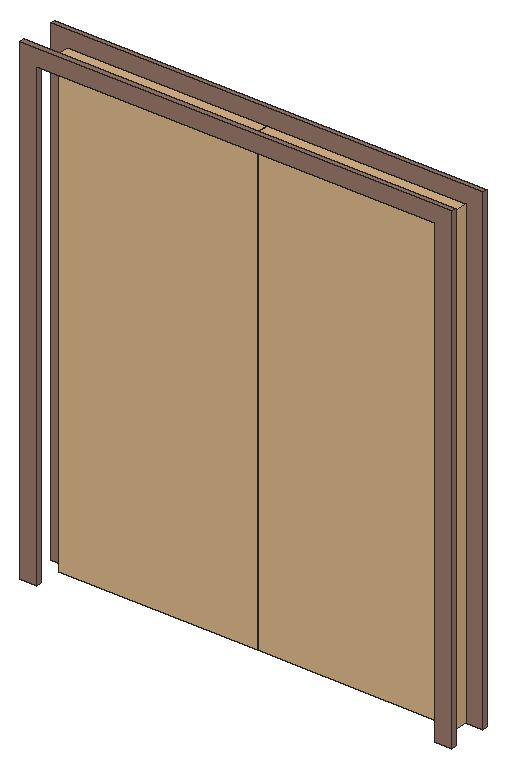
Revit family
Parameters (values of type "1830 x 2134mm")
  Thickness = 51.00 mm
  문 재료 = 문 - 패널
  프레임 재료 = 문 - 프레임
  Height = 2134.00 mm
  자르기 투영 외부 = 25.00 mm
  자르기 투영 내부 = 25.00 mm
  자르기 폭 = 76.00 mm
  Wall Closure = (empty or 0)
  Width = 1830.00 mm
Types (5, lengths in mm): name | Height | Width
  1830 x 1981mm | 1981.00 | 1830.00
  1830 x 2083mm | 2083.00 | 1830.00
  1730 x 2134mm | 2134.00 | 1730.00
  1730 x 2032mm | 2032.00 | 1730.00
  1830 x 2134mm | 2134.00 | 1830.00
Reference planes
  plane 1: y = 0
  plane 2: z = 0
  plane 3 "중심": x = 0
  plane 4 "왼쪽": x = -915
  plane 5 "오른쪽": x = 915
  plane 6 "상단": z = 2134
  plane 7: y = 76.2
Forms (mm)
  Extrusion 1, solid, material "문 - 프레임" <- "프레임 재료"
    sketch origin (-2286, 76.2, 0) x (-1, 0, 0) y (0, 0, 1)
      loop
        line (-3201, 2134) -> (-1371, 2134) -> (-1371, 0) -> (-1295, 0) -> (-1295, 2210) -> (-3277, 2210) -> (-3277, 0) -> (-3201, 0) -> (-3201, 2134)
    from 0 to 25
  Extrusion 2, solid, material "문 - 프레임" <- "프레임 재료"
    sketch origin (-2286, -76.2, 0) x (1, 0, 0) y (0, 0, 1)
      loop
        line (1371, 0) -> (1371, 2134) -> (3201, 2134) -> (3201, 0) -> (3277, 0) -> (3277, 2210) -> (1295, 2210) -> (1295, 0) -> (1371, 0)
    from 0 to 25
  Extrusion 3, solid, material "문 - 패널" <- "문 재료"
    sketch origin (-1524, 76.2, 0) x (-1, 0, 0) y (0, 0, 1)
      loop
        line (-1524, 2134) -> (-1524, 0) -> (-609, 0) -> (-609, 2134) -> (-1524, 2134)
    from 0 to -51
  Extrusion 4, solid, material "문 - 패널" <- "문 재료"
    sketch origin (0, 0, 0) x (-1, 0, 0) y (0, 0, 1)
      loop
        line (-915, 2134) -> (-915, 0) -> (0, 0) -> (0, 2134) -> (-915, 2134)
    from 25.2 to 76.2
Lines and regions (mm)
  Opening 1
    outline origin (-2286, -76.2, 0) x (1, 0, 0) y (0, 0, 1)
      loop
        line (1371, 0) -> (3201, 0) -> (3201, 2134) -> (1371, 2134) -> (1371, 0)
  symbolic lines, style "평면 스윙"
    curve 1: arc (0, 76.2, 0) -> (-267.997, 723.203, 0) -> (-915, 991.2, 0) r 915
    curve 2: arc (0, 76.2, 0) -> (267.997, 723.203, 0) -> (915, 991.2, 0) r 915
  symbolic lines, style "DoorsPanelProjection"
    curve 3: line (-915, 76.2, 0) -> (-864, 76.2, 0)
    curve 4: line (-915, 76.2, 0) -> (-915, 991.2, 0)
    curve 5: line (-915, 991.2, 0) -> (-864, 991.2, 0)
    curve 6: line (-864, 76.2, 0) -> (-864, 991.2, 0)
    curve 7: line (915, 76.2, 0) -> (864, 76.2, 0)
    curve 8: line (915, 76.2, 0) -> (915, 991.2, 0)
    curve 9: line (864, 76.2, 0) -> (864, 989.778, 0)
  symbolic lines, style "입면도 스윙"
    curve 10: line (0, 0, 2134) -> (-915, 0, 1067)
    curve 11: line (-915, 0, 1067) -> (0, 0, 0)
    curve 12: line (0, 0, 0) -> (915, 0, 1067)
    curve 13: line (0, 0, 2134) -> (915, 0, 1067)
Text (mm)
  text "외부" at (-1490.41, 796.892, 0), in view "바닥 선"
  text "내부" at (-1482.03, -638.486, 0), in view "바닥 선"
  text "외부" at (0, 1019.848, 3124.603), in view "오른쪽"
  text "내부" at (0, -1635.541, 3124.603), in view "오른쪽"
  text "내부" at (0, -698.591, 2960.884), in view "왼쪽"
  text "외부" at (0, 918.899, 2960.884), in view "왼쪽"
Dimensions and locks
  "Height": plane 2 to plane 6 "상단"
  "자르기 폭": Extrusion 2 sketch curve to plane 4 "왼쪽"
  "자르기 폭": Extrusion 2 sketch curve to plane 5 "오른쪽"
  "자르기 폭": Extrusion 2 sketch curve to plane 6 "상단"
  "자르기 폭": Extrusion 1 sketch curve to Extrusion 1 sketch curve  (x2)
  "자르기 폭": Extrusion 1 sketch curve to plane 6 "상단"
  "자르기 투영 내부": Extrusion 2 to host wall
  "자르기 투영 외부": Extrusion 1 to host wall
  "Thickness": curve 6 to curve 4
  "Thickness": curve 8 to curve 9
  "Thickness": Extrusion 3 to host wall
  "Width": plane 4 "왼쪽" to plane 5 "오른쪽"
  equal spacing: plane 4 "왼쪽", plane 3 "중심", plane 5 "오른쪽"
  equal spacing: level, curve 13, plane 6 "상단"
  equal spacing: level, curve 11, plane 6 "상단"
  aligned and locked: plane 4 "왼쪽" to Opening 1 sketch curve
  aligned and locked: plane 6 "상단" to Opening 1 sketch curve  (x2)
  aligned and locked: Opening 1 sketch curve to plane 5 "오른쪽"
  aligned and locked: Opening 1 sketch curve to level
  aligned and locked: plane 6 "상단" to Extrusion 1 sketch curve  (x2)
  aligned and locked: plane 4 "왼쪽" to Extrusion 1 sketch curve
  aligned and locked: Extrusion 1 sketch curve to plane 4 "왼쪽"
  aligned and locked: plane 2 to Extrusion 1 sketch curve
  aligned and locked: Extrusion 1 sketch curve to plane 2
  aligned and locked: level to Extrusion 1 sketch curve
  aligned and locked: plane 5 "오른쪽" to Extrusion 1 sketch curve
  aligned and locked: Extrusion 1 to host wall
  aligned and locked: plane 4 "왼쪽" to Extrusion 2 sketch curve
  aligned and locked: plane 6 "상단" to Extrusion 2 sketch curve  (x2)
  aligned and locked: plane 5 "오른쪽" to Extrusion 2 sketch curve  (x2)
  aligned and locked: level to Extrusion 2 sketch curve
  aligned and locked: Extrusion 2 sketch curve to level
  aligned and locked: plane 2 to Extrusion 2 sketch curve
  aligned and locked: Extrusion 2 to host wall
  aligned and locked: curve 3 to host wall
  aligned and locked: host wall to curve 7
  aligned and locked: host wall to curve 1
  aligned and locked: host wall to curve 2
  aligned and locked: plane 7 to host wall
  aligned and locked: Extrusion 4 to Extrusion 3  (x2)
Automatic sketch dimensions
  curve 1 to plane 4 "왼쪽" = 0.00 mm
  curve 2 to plane 3 "중심" = 0.00 mm
  curve 2 to plane 5 "오른쪽" = 0.00 mm
  Extrusion 3 sketch curve to level = 0.00 mm
  Extrusion 3 sketch curve to plane 4 "왼쪽" = 0.00 mm
  Extrusion 3 sketch curve to plane 6 "상단" = 0.00 mm
  curve 1 to plane 3 "중심" = 0.00 mm
  Extrusion 3 sketch curve to plane 3 "중심" = 0.00 mm
  Extrusion 4 sketch curve to level = 0.00 mm
  Extrusion 4 sketch curve to plane 5 "오른쪽" = 0.00 mm
  Extrusion 4 sketch curve to plane 3 "중심" = 0.00 mm
  Extrusion 4 sketch curve to plane 6 "상단" = 0.00 mm
  curve 13 to plane 3 "중심" = 0.00 mm
  curve 13 to plane 6 "상단" = 0.00 mm
  curve 11 to plane 4 "왼쪽" = 0.00 mm
  curve 13 to plane 5 "오른쪽" = 0.00 mm
  curve 12 to level = 0.00 mm
  curve 11 to plane 3 "중심" = 0.00 mm
